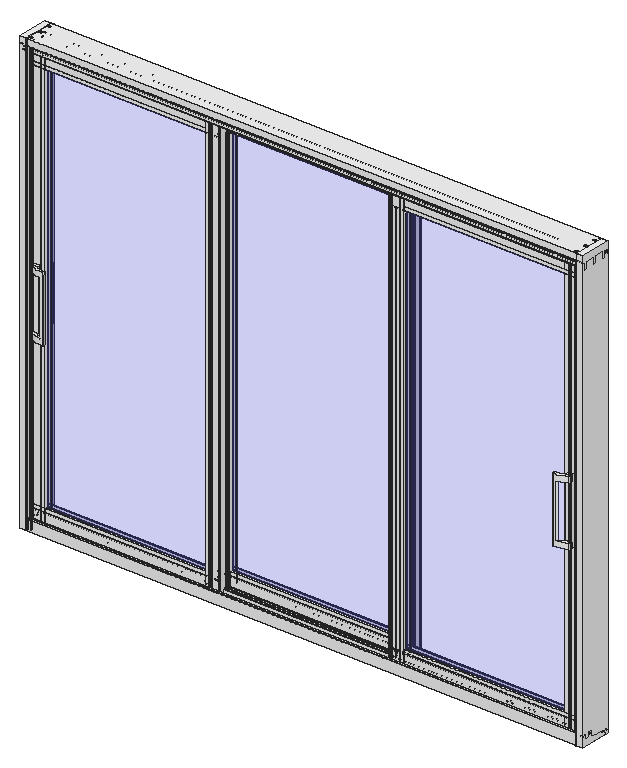
Revit family "Patio-Door_R-550-2-0_3-Light_XOX_5in_Novatech", category Doors, host Wall, Revit 2026 (continued)
Definition of nested family "NOVATECH_R-550 (2.0)_3 LIGHT_XOX_5in_SASH_X"
  Definition of nested family "NOVATECH_650_2 LIGHT_SASH_X_SILL1"
    Automatic sketch dimensions
      Extrusion 1 sketch curve to Extrusion 1 sketch curve = 0.00498"
      Extrusion 1 sketch curve to Extrusion 1 sketch curve = 0.01542"
      Extrusion 1 sketch curve to Extrusion 1 sketch curve = 0.06392"
      Extrusion 1 sketch curve to Extrusion 1 sketch curve = 3/64"
      Extrusion 1 sketch curve to Extrusion 1 sketch curve = 0.03068"
      Extrusion 1 sketch curve to Extrusion 1 sketch curve = 0.06572"
      Extrusion 1 sketch curve to Extrusion 1 sketch curve = 0.01209"
      Extrusion 1 sketch curve to Extrusion 1 sketch curve = 0.01283"
      Extrusion 1 sketch curve to Extrusion 1 sketch curve = 0.01306"
      Extrusion 1 sketch curve to Extrusion 1 sketch curve = 0.33858"
      Extrusion 1 sketch curve to Extrusion 1 sketch curve = 0.02923"
      Extrusion 1 sketch curve to Extrusion 1 sketch curve = 0.02953"
      Extrusion 1 sketch curve to Extrusion 1 sketch curve = 0.02362"
      level to Extrusion 1 sketch curve = 0"  (x2)
      Extrusion 1 sketch curve to Extrusion 1 sketch curve = 0.0358"  (x2)
      Extrusion 1 sketch curve to Extrusion 1 sketch curve = 0.00984"  (x3)
      Extrusion 1 sketch curve to Extrusion 1 sketch curve = 0.02354"  (x2)
      Extrusion 1 sketch curve to Extrusion 1 sketch curve = 0.00796"  (x2)
      Extrusion 1 sketch curve to Extrusion 1 sketch curve = 0.2126"  (x2)
      Extrusion 1 sketch curve to Extrusion 1 sketch curve = 0.00909"  (x2)
      Extrusion 1 sketch curve to Extrusion 1 sketch curve = 0.02429"  (x2)
      Extrusion 1 sketch curve to Extrusion 1 sketch curve = 0.00721"  (x2)
      Extrusion 1 sketch curve to Extrusion 1 sketch curve = 0.09705"
      Extrusion 1 sketch curve to Extrusion 1 sketch curve = 0.01152"
      Extrusion 1 sketch curve to Extrusion 1 sketch curve = 0.19864"  (x2)
      Extrusion 1 sketch curve to Extrusion 1 sketch curve = 1/16"  (x2)
      Extrusion 1 sketch curve to Extrusion 1 sketch curve = 0.87008"
      Extrusion 1 sketch curve to Extrusion 1 sketch curve = 0.07552"
      Extrusion 1 sketch curve to Extrusion 1 sketch curve = 0.0007"
      Extrusion 1 sketch curve to Extrusion 1 sketch curve = 0.01855"
      Extrusion 1 sketch curve to Extrusion 1 sketch curve = 0.00151"
      Extrusion 1 sketch curve to Extrusion 1 sketch curve = 0.00214"
      Extrusion 1 sketch curve to Extrusion 1 sketch curve = 0.07526"
      Extrusion 1 sketch curve to Extrusion 1 sketch curve = 0.0561"
      Extrusion 1 sketch curve to Extrusion 1 sketch curve = 0.12761"
      Extrusion 1 sketch curve to Extrusion 1 sketch curve = 0.00014"
      Extrusion 1 sketch curve to Extrusion 1 sketch curve = 0.00619"
      Extrusion 1 sketch curve to Extrusion 1 sketch curve = 0.00724"
      Extrusion 1 sketch curve to Extrusion 1 sketch curve = 0.01383"
      Extrusion 1 sketch curve to Extrusion 1 sketch curve = 0.01537"
      Extrusion 1 sketch curve to Extrusion 1 sketch curve = 0.05162"
      Extrusion 1 sketch curve to Extrusion 1 sketch curve = 0.12473"
      Extrusion 1 sketch curve to Extrusion 1 sketch curve = 0.5234"  (x2)
      Extrusion 1 sketch curve to Extrusion 1 sketch curve = 0.0034"
      Extrusion 1 sketch curve to Extrusion 1 sketch curve = 0.04131"
Definition of nested family "NOVATECH_R-550 (2.0)_3 LIGHT_XOX_5in_SASH_O_MID"
  Parameters (values of type "SASH_O_MID")
    Width = 33.71615"
    Panel Material = none
    Height = 77 27/64"
    Frame Material = none
    Default Elevation = 0"
  Reference planes (in)
    plane 1 "Center (Front/Back)": y = 0
    plane 2: z = 0
    plane 3 "Center (Left/Right)": x = 0
    plane 4: x = 16.85807
    plane 5: x = -16.85807
    plane 6: z = 77.42188
    plane 7: y = 0.7697
    plane 8: x = -18.11617
  Forms (in)
    Extrusion 1, solid, material <- "Panel Material"
      sketch origin (53.04805, -3.42098, -6.62158) x (1, 0, 0) y (0, 1, 0)
        loop
          line (-69.12564, 4.62769) -> (-69.12564, 3.75367) -> (-36.97336, 3.75367) -> (-36.97336, 4.62769) -> (-69.12564, 4.62769)
      from 8.65968 to 82.00488
  Dimensions and locks (in)
    "Height": plane 6 to level
    "Width": plane 4 to plane 5
    equal spacing: plane 4, plane 3 "Center (Left/Right)", plane 5
    locked: Extrusion 1 sketch curve to Extrusion 1 sketch curve at 0.87402
    locked: plane 5 to Extrusion 1 at 0.78048
    locked: Extrusion 1 to plane 4 at 0.78339
    locked: plane 6 to Extrusion 1 at 2.03858
    locked: Extrusion 1 to level at 2.0381
    locked: plane 1 "Center (Front/Back)" to Extrusion 1 at 0.33269
    locked: plane 8 to plane 5 at 1.2581
    locked: plane 4 to nested 2 at 1.2552
    locked: plane 4 to nested 1 at 1.2552
    aligned and locked: plane 2 to level
    aligned and locked: plane 1 "Center (Front/Back)" to nested 1
    aligned and locked: plane 1 "Center (Front/Back)" to nested 2
    aligned and locked: plane 5 to nested 3
    aligned and locked: plane 1 "Center (Front/Back)" to nested 3  (x2)
    aligned and locked: plane 6 to nested 3
    aligned and locked: nested 2 to plane 8
    aligned and locked: nested 1 to plane 8
    aligned and locked: nested 4 to plane 1 "Center (Front/Back)"
    aligned and locked: plane 6 to nested 2
    aligned and locked: plane 6 to nested 4
    aligned and locked: plane 4 to nested 4
    aligned and locked: nested 1 to level
  Automatic sketch dimensions
    Extrusion 1 sketch curve to plane 1 "Center (Front/Back)" = 0.33269"
    plane 5 to Extrusion 1 sketch curve = 0.78048"
    Extrusion 1 sketch curve to plane 4 = 0.78339"
  Nested families (in)
    nested 1: "NOVATECH_650_2 LIGHT_SASH_O_SILL1" at (-18.11617, 0, -0.93499), type "O PANEL SILL 2"
      with built-in parameter 1001306 3.0191 (stored number, unit not read)
    nested 2: "NOVATECH_650_3 LIGHT_OXO_SASH_O_HEADER" at (-18.11617, 0, 74.81906), type "O HEADER"
      with Length 36.22944"
    nested 3: "NOVATECH_650_2 LIGHT_SASH_O_LEFT" at (-18.20666, 0, 0) x (0, -1, 0) z (0, 0, 1), type "NOVATECH_650_2 LIGHT_SASH_X_RIGHT"
    nested 4: "NOVATECH_650_2 LIGHT_SASH_O_RIGHT" at (18.20375, 0, 0) x (0, 1, 0) z (0, 0, 1), type "NOVATECH_650_2 LIGHT_SASH_O_LEFT"
  Definition of nested family "NOVATECH_650_2 LIGHT_SASH_O_SILL1"
    Parameters (values of type "O PANEL SILL")
      built-in parameter 1001306 [instance] = 48"
      Frame Material = none
      Default Elevation = 0"
    Reference planes (in)
      plane 1 "Center (Front/Back)": y = 0
      plane 2: z = 0
      plane 3 "Left": x = 0
      plane 4 "Right": x = 48
    Forms (in)
      Extrusion 1, solid, material <- "Frame Material"
        sketch origin (0, -0.42731, -0.7993) x (0, 1, 0) y (0, 0, 1)
          loop
            line (1.50935, 2.22768) -> (1.00276, 2.22768)
            arc (1.00276, 2.22768) -> (0.94708, 2.20462) -> (0.92402, 2.14894) r 0.07874
            line (0.92402, 2.14894) -> (0.92402, 1.86784)
            arc (0.92402, 1.86784) -> (0.91825, 1.85393) -> (0.90433, 1.84816) r 0.01969
            line (0.90433, 1.84816) -> (0.87358, 1.84816) -> (0.85389, 1.72715) -> (0.644, 1.72715)
            arc (0.644, 1.72715) -> (0.63008, 1.72138) -> (0.62431, 1.70746) r 0.01969
            line (0.62431, 1.70746) -> (0.62431, 1.54017) -> (0.52604, 1.54017) -> (0.52615, 1.70715) -> (0.45135, 1.70715) -> (0.45074, 0.7993) -> (0.52556, 0.81205) -> (0.52575, 1.10443) -> (0.93819, 1.1584) -> (0.93819, 0.93129) -> (1.01299, 0.94253) -> (1.01299, 1.35309) -> (1.5156, 1.41571) -> (1.5156, 0.88509)
            arc (1.5156, 0.88509) -> (1.52141, 0.87106) -> (1.53544, 0.86524) r 0.01985
            arc (1.53544, 0.86524) -> (1.55245, 0.86422) -> (1.56901, 0.86822) r 0.05745
            line (1.56901, 0.86822) -> (1.63183, 0.90885)
            arc (1.63183, 0.90885) -> (1.63055, 0.92963) -> (1.60977, 0.93091) r 0.01572
            arc (1.60977, 0.93091) -> (1.59585, 0.93668) -> (1.59009, 0.9506) r 0.01969
            line (1.59009, 0.9506) -> (1.59009, 1.65234) -> (2.03511, 1.65234) -> (2.03517, 1.09522) -> (2.10997, 1.10708) -> (2.10991, 1.637)
            arc (2.10991, 1.637) -> (2.0835, 1.70074) -> (2.01976, 1.72715) r 0.09016
            line (2.01976, 1.72715) -> (1.65169, 1.72715) -> (1.63466, 1.83182)
            arc (1.63466, 1.83182) -> (1.625, 1.84624) -> (1.60777, 1.84835) r 0.02085
            arc (1.60777, 1.84835) -> (1.59385, 1.85411) -> (1.58809, 1.86803) r 0.01969
            line (1.58809, 1.86803) -> (1.58809, 2.14894)
            arc (1.58809, 2.14894) -> (1.56503, 2.20462) -> (1.50935, 2.22768) r 0.07874
          loop
            line (0.42731, 4.26963) -> (0.42731, 1.79335)
            arc (0.42731, 1.79335) -> (0.44461, 1.75159) -> (0.48637, 1.73429) r 0.05906
            line (0.48637, 1.73429) -> (0.79548, 1.73429)
            arc (0.79548, 1.73429) -> (0.83724, 1.75159) -> (0.85454, 1.79335) r 0.05906
            line (0.85454, 1.79335) -> (0.85454, 1.87249) -> (0.81117, 1.87249) -> (0.81117, 1.8095) -> (0.75999, 1.8095) -> (0.75999, 2.11658) -> (0.81117, 2.11658) -> (0.81117, 2.05359) -> (0.86235, 2.05359) -> (0.86235, 2.43905) -> (1.64975, 2.43905) -> (1.64975, 2.05359) -> (1.70093, 2.05359) -> (1.70093, 2.11658) -> (1.75211, 2.11658) -> (1.75211, 1.8095) -> (1.70093, 1.8095) -> (1.70093, 1.87249) -> (1.65756, 1.87249) -> (1.65756, 1.79335)
            arc (1.65756, 1.79335) -> (1.67486, 1.75159) -> (1.71662, 1.73429) r 0.05906
            line (1.71662, 1.73429) -> (2.02574, 1.73429)
            arc (2.02574, 1.73429) -> (2.06749, 1.75159) -> (2.08479, 1.79335) r 0.05906
            line (2.08479, 1.79335) -> (2.08479, 3.64377) -> (2.00605, 3.64377) -> (2.00605, 3.30913) -> (1.81314, 3.30913) -> (1.81314, 3.40755) -> (1.86432, 3.40755) -> (1.86432, 3.64377) -> (1.56849, 3.64377) -> (1.56849, 3.76848) -> (0.66353, 3.76848) -> (0.66353, 4.2919) -> (0.697, 4.2919) -> (0.697, 4.3332) -> (0.45273, 4.29887)
            arc (0.45273, 4.29887) -> (0.43455, 4.289) -> (0.42731, 4.26963) r 0.02953
          loop
            line (1.697, 4.33127) -> (1.71668, 4.29189) -> (1.71669, 3.67374)
            arc (1.71669, 3.67374) -> (1.72363, 3.66069) -> (1.73834, 3.65914) r 0.01575
            line (1.73834, 3.65914) -> (1.84513, 3.69539) -> (1.92824, 3.64363) -> (1.9154, 3.47576) -> (1.8935, 3.41617)
            arc (1.8935, 3.41617) -> (1.86859, 3.38726) -> (1.88982, 3.35556) r 0.0315
            arc (1.88982, 3.35556) -> (1.92534, 3.35888) -> (1.94977, 3.38487) r 0.05041
            line (1.94977, 3.38487) -> (1.98385, 3.46761) -> (1.99786, 3.65101)
            arc (1.99786, 3.65101) -> (2.00813, 3.67068) -> (2.03025, 3.67232) r 0.02281
            line (2.03025, 3.67232) -> (2.06117, 3.6537)
            arc (2.06117, 3.6537) -> (2.07692, 3.6537) -> (2.08479, 3.66733) r 0.01575
            line (2.08479, 3.66733) -> (2.08479, 4.30174)
            arc (2.08479, 4.30174) -> (2.07614, 4.32262) -> (2.05526, 4.33127) r 0.02953
            line (2.05526, 4.33127) -> (1.697, 4.33127)
        from 0 to 48
    Lines and regions (in)
      reference lines
        curve 1: line (0, 0.91091, 0) -> (48, 0.91091, 0)
    Dimensions and locks (in)
      "built-in parameter 1001306": plane 3 "Left" to plane 4 "Right"
      aligned and locked: plane 4 "Right" to curve 1
      aligned and locked: plane 3 "Left" to curve 1
      aligned and locked: level to plane 2
      aligned and locked: Extrusion 1 to plane 3 "Left"
      aligned and locked: plane 4 "Right" to Extrusion 1
    Automatic sketch dimensions
      curve 1 to plane 1 "Center (Front/Back)" = 0.91091"
      level to Extrusion 1 sketch curve = 0"
      level to Extrusion 1 sketch curve = 0.30778"
      Extrusion 1 sketch curve to plane 1 "Center (Front/Back)" = 1.68266"
      level to Extrusion 1 sketch curve = 0.8377"
      Extrusion 1 sketch curve to Extrusion 1 sketch curve = 0.00005"
      Extrusion 1 sketch curve to Extrusion 1 sketch curve = 0.02512"
      Extrusion 1 sketch curve to Extrusion 1 sketch curve = 0"  (x3)
      Extrusion 1 sketch curve to Extrusion 1 sketch curve = 0.01575"  (x2)
      Extrusion 1 sketch curve to Extrusion 1 sketch curve = 0.00787"
      Extrusion 1 sketch curve to Extrusion 1 sketch curve = 0.02953"  (x2)
      level to Extrusion 1 sketch curve = 0.29592"
      Extrusion 1 sketch curve to Extrusion 1 sketch curve = 0.0748"  (x4)
      Extrusion 1 sketch curve to Extrusion 1 sketch curve = 0.03092"
      Extrusion 1 sketch curve to Extrusion 1 sketch curve = 0.00937"
      Extrusion 1 sketch curve to Extrusion 1 sketch curve = 0.00959"
      Extrusion 1 sketch curve to Extrusion 1 sketch curve = 0.00598"
      Extrusion 1 sketch curve to Extrusion 1 sketch curve = 0.01461"
      Extrusion 1 sketch curve to Extrusion 1 sketch curve = 0.00819"
      Extrusion 1 sketch curve to Extrusion 1 sketch curve = 0.0222"
      Extrusion 1 sketch curve to Extrusion 1 sketch curve = 0.03408"
      Extrusion 1 sketch curve to Extrusion 1 sketch curve = 0.06962"
      Extrusion 1 sketch curve to Extrusion 1 sketch curve = 0.06844"
      Extrusion 1 sketch curve to Extrusion 1 sketch curve = 0.04657"
      Extrusion 1 sketch curve to Extrusion 1 sketch curve = 0.00316"
      Extrusion 1 sketch curve to Extrusion 1 sketch curve = 0.00969"
      Extrusion 1 sketch curve to Extrusion 1 sketch curve = 0.06392"
      Extrusion 1 sketch curve to Extrusion 1 sketch curve = 0.01918"
      Extrusion 1 sketch curve to Extrusion 1 sketch curve = 0.05118"  (x4)
      Extrusion 1 sketch curve to Extrusion 1 sketch curve = 0.27362"
      Extrusion 1 sketch curve to Extrusion 1 sketch curve = 0.1068"
      Extrusion 1 sketch curve to Extrusion 1 sketch curve = 0.0059"
      Extrusion 1 sketch curve to Extrusion 1 sketch curve = 0.33858"
      Extrusion 1 sketch curve to Extrusion 1 sketch curve = 0.03549"  (x2)
      Extrusion 1 sketch curve to Extrusion 1 sketch curve = 0.01569"  (x2)
      Extrusion 1 sketch curve to Extrusion 1 sketch curve = 0.01969"  (x4)
      Extrusion 1 sketch curve to Extrusion 1 sketch curve = 0.04337"  (x2)
      Extrusion 1 sketch curve to Extrusion 1 sketch curve = 0.06493"
      level to Extrusion 1 sketch curve = 1.03252"
      Extrusion 1 sketch curve to Extrusion 1 sketch curve = 0.0229"
      level to Extrusion 1 sketch curve = 0.10955"
      Extrusion 1 sketch curve to Extrusion 1 sketch curve = 0.40333"
      Extrusion 1 sketch curve to Extrusion 1 sketch curve = 0.01239"
      Extrusion 1 sketch curve to Extrusion 1 sketch curve = 0.02058"
      Extrusion 1 sketch curve to Extrusion 1 sketch curve = 0.00967"  (x2)
      Extrusion 1 sketch curve to Extrusion 1 sketch curve = 0.00631"
      Extrusion 1 sketch curve to Extrusion 1 sketch curve = 0.0616"
      level to Extrusion 1 sketch curve = 0.06892"
      Extrusion 1 sketch curve to Extrusion 1 sketch curve = 0.05043"
      Extrusion 1 sketch curve to Extrusion 1 sketch curve = 0.1482"
      Extrusion 1 sketch curve to Extrusion 1 sketch curve = 0.04272"
      Extrusion 1 sketch curve to Extrusion 1 sketch curve = 0.03356"
      Extrusion 1 sketch curve to Extrusion 1 sketch curve = 0.07449"
      Extrusion 1 sketch curve to Extrusion 1 sketch curve = 0.07874"  (x2)
      level to Extrusion 1 sketch curve = 0.14323"
      Extrusion 1 sketch curve to Extrusion 1 sketch curve = 0.5026"
      Extrusion 1 sketch curve to Extrusion 1 sketch curve = 0.50659"
      Extrusion 1 sketch curve to Extrusion 1 sketch curve = 0.03075"
      Extrusion 1 sketch curve to Extrusion 1 sketch curve = 0.1404"
      Extrusion 1 sketch curve to Extrusion 1 sketch curve = 0.01904"
      Extrusion 1 sketch curve to Extrusion 1 sketch curve = 0.00065"
      Extrusion 1 sketch curve to Extrusion 1 sketch curve = 1"
      Extrusion 1 sketch curve to Extrusion 1 sketch curve = 0.03346"
      Extrusion 1 sketch curve to Extrusion 1 sketch curve = 0.11599"
      level to Extrusion 1 sketch curve = 0.90785"
      Extrusion 1 sketch curve to Extrusion 1 sketch curve = 0.09816"
      level to Extrusion 1 sketch curve = 0.74086"
      Extrusion 1 sketch curve to Extrusion 1 sketch curve = 0.09827"
      level to Extrusion 1 sketch curve = 0.30513"
      Extrusion 1 sketch curve to Extrusion 1 sketch curve = 0.41244"
      level to Extrusion 1 sketch curve = 0.01275"
      Extrusion 1 sketch curve to Extrusion 1 sketch curve = 0.00019"
      Extrusion 1 sketch curve to Extrusion 1 sketch curve = 0.03978"
      Extrusion 1 sketch curve to Extrusion 1 sketch curve = 0.20669"
      Extrusion 1 sketch curve to Extrusion 1 sketch curve = 0.00411"
      Extrusion 1 sketch curve to Extrusion 1 sketch curve = 0.03502"
      Extrusion 1 sketch curve to Extrusion 1 sketch curve = 0.07481"
      Extrusion 1 sketch curve to Extrusion 1 sketch curve = 0.01687"
      Extrusion 1 sketch curve to Extrusion 1 sketch curve = 0.01124"
      Extrusion 1 sketch curve to Extrusion 1 sketch curve = 0.22711"
      Extrusion 1 sketch curve to Extrusion 1 sketch curve = 0.1947"
      Extrusion 1 sketch curve to Extrusion 1 sketch curve = 0.41612"
      Extrusion 1 sketch curve to Extrusion 1 sketch curve = 0.00031"
      Extrusion 1 sketch curve to Extrusion 1 sketch curve = 0.00715"  (x2)
      Extrusion 1 sketch curve to Extrusion 1 sketch curve = 0.01615"  (x2)
      Extrusion 1 sketch curve to Extrusion 1 sketch curve = 0.00335"
      Extrusion 1 sketch curve to Extrusion 1 sketch curve = 0.05481"
      Extrusion 1 sketch curve to Extrusion 1 sketch curve = 0.03956"
      Extrusion 1 sketch curve to Extrusion 1 sketch curve = 0.06299"  (x4)
      Extrusion 1 sketch curve to Extrusion 1 sketch curve = 0.1811"  (x2)
      Extrusion 1 sketch curve to Extrusion 1 sketch curve = 0.09535"
      Extrusion 1 sketch curve to Extrusion 1 sketch curve = 0.21137"
      Extrusion 1 sketch curve to Extrusion 1 sketch curve = 0.87008"
      Extrusion 1 sketch curve to Extrusion 1 sketch curve = 0.07575"
      Extrusion 1 sketch curve to Extrusion 1 sketch curve = 0.00048"
      Extrusion 1 sketch curve to Extrusion 1 sketch curve = 0.01881"
      Extrusion 1 sketch curve to Extrusion 1 sketch curve = 0.00339"
      Extrusion 1 sketch curve to Extrusion 1 sketch curve = 0.012"
      Extrusion 1 sketch curve to Extrusion 1 sketch curve = 0.08274"
      Extrusion 1 sketch curve to Extrusion 1 sketch curve = 0.05959"
      Extrusion 1 sketch curve to Extrusion 1 sketch curve = 0.16787"
      Extrusion 1 sketch curve to Extrusion 1 sketch curve = 0.00014"  (x2)
      Extrusion 1 sketch curve to Extrusion 1 sketch curve = 0.00724"
      Extrusion 1 sketch curve to Extrusion 1 sketch curve = 0.00785"
      Extrusion 1 sketch curve to Extrusion 1 sketch curve = 0.00992"
      Extrusion 1 sketch curve to Extrusion 1 sketch curve = 0.01537"
      Extrusion 1 sketch curve to Extrusion 1 sketch curve = 0.05162"
      Extrusion 1 sketch curve to Extrusion 1 sketch curve = 0.12471"
      Extrusion 1 sketch curve to Extrusion 1 sketch curve = 0.50115"
      Extrusion 1 sketch curve to Extrusion 1 sketch curve = 0.52341"
      Extrusion 1 sketch curve to Extrusion 1 sketch curve = 0.02226"
      Extrusion 1 sketch curve to Extrusion 1 sketch curve = 0.00984"
      Extrusion 1 sketch curve to Extrusion 1 sketch curve = 0.04131"
  Definition of nested family "NOVATECH_650_3 LIGHT_OXO_SASH_O_HEADER"
    Parameters (values of type "O HEADER")
      Length [instance] = 25.4316"
      Frame Material = none
      Default Elevation = 0"
    Reference planes (in)
      plane 1 "Center (Front/Back)": y = 0
      plane 2: z = 0
      plane 3 "Center (Left/Right)": x = 0
      plane 4: x = 25.4316
    Forms (in)
      Extrusion 1, solid, material <- "Frame Material"
        sketch origin (0, 3.99113, -1.74837) x (0, 1, 0) y (0, 0, 1)
          loop
            line (-2.76869, 4.29213) -> (-2.76869, 4.20908) -> (-2.71751, 4.20908) -> (-2.71751, 4.27208) -> (-2.66633, 4.27208) -> (-2.66633, 3.96499) -> (-2.71751, 3.96499) -> (-2.71751, 4.02798) -> (-2.76869, 4.02798) -> (-2.76869, 3.64252) -> (-3.55609, 3.64252) -> (-3.55609, 4.02798) -> (-3.60728, 4.02798) -> (-3.60728, 3.96499) -> (-3.65846, 3.96499) -> (-3.65846, 4.27208) -> (-3.60728, 4.27208) -> (-3.60728, 4.20908) -> (-3.55609, 4.20908) -> (-3.55609, 4.29213)
            arc (-3.55609, 4.29213) -> (-3.57339, 4.33389) -> (-3.61515, 4.35118) r 0.05906
            line (-3.61515, 4.35118) -> (-3.93208, 4.35118)
            arc (-3.93208, 4.35118) -> (-3.97384, 4.33389) -> (-3.99113, 4.29213) r 0.05906
            line (-3.99113, 4.29213) -> (-3.99113, 1.81194)
            arc (-3.99113, 1.81194) -> (-3.98389, 1.79257) -> (-3.96572, 1.7827) r 0.02953
            line (-3.96572, 1.7827) -> (-3.72145, 1.74837) -> (-3.72145, 1.78968) -> (-3.75491, 1.78968) -> (-3.75491, 2.4378) -> (-3.65663, 2.4378) -> (-3.65663, 2.3126) -> (-2.78262, 2.3126) -> (-2.78262, 2.4378) -> (-2.55413, 2.4378) -> (-2.55413, 2.67402) -> (-2.60531, 2.67402) -> (-2.60531, 2.77244) -> (-2.41239, 2.77244) -> (-2.41239, 2.4378) -> (-2.33365, 2.4378) -> (-2.33365, 4.29213)
            arc (-2.33365, 4.29213) -> (-2.35095, 4.33389) -> (-2.39271, 4.35118) r 0.05906
            line (-2.39271, 4.35118) -> (-2.70964, 4.35118)
            arc (-2.70964, 4.35118) -> (-2.7514, 4.33389) -> (-2.76869, 4.29213) r 0.05906
          loop
            line (-2.33365, 1.77983) -> (-2.33365, 2.41424)
            arc (-2.33365, 2.41424) -> (-2.34153, 2.42788) -> (-2.35728, 2.42788) r 0.01575
            line (-2.35728, 2.42788) -> (-2.3867, 2.41134)
            arc (-2.3867, 2.41134) -> (-2.40913, 2.41876) -> (-2.41969, 2.43989) r 0.03079
            line (-2.41969, 2.43989) -> (-2.43129, 2.60578) -> (-2.46833, 2.69723)
            arc (-2.46833, 2.69723) -> (-2.49406, 2.72434) -> (-2.53137, 2.72666) r 0.05107
            arc (-2.53137, 2.72666) -> (-2.55479, 2.69582) -> (-2.53061, 2.66558) r 0.0315
            line (-2.53061, 2.66558) -> (-2.49742, 2.58344) -> (-2.48648, 2.44027) -> (-2.57331, 2.38618) -> (-2.68011, 2.42243)
            arc (-2.68011, 2.42243) -> (-2.69481, 2.42088) -> (-2.70176, 2.40783) r 0.01575
            line (-2.70176, 2.40783) -> (-2.70176, 1.78968) -> (-2.72145, 1.75031) -> (-2.36318, 1.75031)
            arc (-2.36318, 1.75031) -> (-2.3423, 1.75896) -> (-2.33365, 1.77983) r 0.02953
        from 0 to 25.4316
    Dimensions and locks (in)
      "Length": plane 3 "Center (Left/Right)" to plane 4
      aligned and locked: plane 2 to level
      aligned and locked: plane 4 to Extrusion 1
      aligned and locked: Extrusion 1 to plane 3 "Center (Left/Right)"
    Automatic sketch dimensions
      Extrusion 1 sketch curve to level = 0"
      plane 1 "Center (Front/Back)" to Extrusion 1 sketch curve = 0"
      level to Extrusion 1 sketch curve = 0.03433"
      Extrusion 1 sketch curve to Extrusion 1 sketch curve = 0.02542"
      Extrusion 1 sketch curve to Extrusion 1 sketch curve = 0.02953"
      Extrusion 1 sketch curve to Extrusion 1 sketch curve = 0.05906"
      Extrusion 1 sketch curve to Extrusion 1 sketch curve = 0.20669"
      Extrusion 1 sketch curve to Extrusion 1 sketch curve = 0.03346"
      Extrusion 1 sketch curve to Extrusion 1 sketch curve = 0.27362"  (x2)
      Extrusion 1 sketch curve to Extrusion 1 sketch curve = 0.09828"
      Extrusion 1 sketch curve to Extrusion 1 sketch curve = 0.04331"
      Extrusion 1 sketch curve to Extrusion 1 sketch curve = 0.00787"  (x2)
      Extrusion 1 sketch curve to Extrusion 1 sketch curve = 0.05118"  (x4)
      Extrusion 1 sketch curve to plane 1 "Center (Front/Back)" = 1.20852"
      Extrusion 1 sketch curve to plane 1 "Center (Front/Back)" = 1.22244"  (x2)
      Extrusion 1 sketch curve to plane 1 "Center (Front/Back)" = 1.26968"
      Extrusion 1 sketch curve to plane 1 "Center (Front/Back)" = 1.27362"  (x2)
      Extrusion 1 sketch curve to plane 1 "Center (Front/Back)" = 1.2815"
      Extrusion 1 sketch curve to plane 1 "Center (Front/Back)" = 1.28937"
      Extrusion 1 sketch curve to plane 1 "Center (Front/Back)" = 1.28938"
      Extrusion 1 sketch curve to Extrusion 1 sketch curve = 0.01575"  (x2)
      Extrusion 1 sketch curve to Extrusion 1 sketch curve = 0.0059"
      Extrusion 1 sketch curve to plane 1 "Center (Front/Back)" = 1.38583"
      Extrusion 1 sketch curve to Extrusion 1 sketch curve = 0.1068"
      Extrusion 1 sketch curve to Extrusion 1 sketch curve = 0.01918"
      Extrusion 1 sketch curve to Extrusion 1 sketch curve = 0.02352"
      Extrusion 1 sketch curve to Extrusion 1 sketch curve = 0.00731"
      Extrusion 1 sketch curve to Extrusion 1 sketch curve = 0.01494"
      Extrusion 1 sketch curve to Extrusion 1 sketch curve = 0.03319"
      Extrusion 1 sketch curve to Extrusion 1 sketch curve = 0.06765"
      Extrusion 1 sketch curve to Extrusion 1 sketch curve = 0.04734"
      Extrusion 1 sketch curve to Extrusion 1 sketch curve = 0.06613"
      Extrusion 1 sketch curve to Extrusion 1 sketch curve = 0.06679"
      Extrusion 1 sketch curve to Extrusion 1 sketch curve = 0.0073"
      Extrusion 1 sketch curve to Extrusion 1 sketch curve = 0.02341"
      Extrusion 1 sketch curve to Extrusion 1 sketch curve = 0.00228"
      level to Extrusion 1 sketch curve = 0.00194"
      Extrusion 1 sketch curve to Extrusion 1 sketch curve = 0.33858"
      Extrusion 1 sketch curve to Extrusion 1 sketch curve = 0.02942"
      Extrusion 1 sketch curve to Extrusion 1 sketch curve = 0.02362"
      level to Extrusion 1 sketch curve = 0.04131"  (x2)
      Extrusion 1 sketch curve to Extrusion 1 sketch curve = 0.52292"
      Extrusion 1 sketch curve to Extrusion 1 sketch curve = 0.07358"
      Extrusion 1 sketch curve to Extrusion 1 sketch curve = 0.02165"
      Extrusion 1 sketch curve to Extrusion 1 sketch curve = 0"
      Extrusion 1 sketch curve to Extrusion 1 sketch curve = 0.02516"
      Extrusion 1 sketch curve to Extrusion 1 sketch curve = 0.0029"
      Extrusion 1 sketch curve to Extrusion 1 sketch curve = 0.05162"
      Extrusion 1 sketch curve to Extrusion 1 sketch curve = 0.02356"
      Extrusion 1 sketch curve to Extrusion 1 sketch curve = 0.1252"
      Extrusion 1 sketch curve to Extrusion 1 sketch curve = 0.00209"
      Extrusion 1 sketch curve to Extrusion 1 sketch curve = 0.00038"
      Extrusion 1 sketch curve to Extrusion 1 sketch curve = 0.14318"
      Extrusion 1 sketch curve to Extrusion 1 sketch curve = 0.02234"
      Extrusion 1 sketch curve to Extrusion 1 sketch curve = 0.08214"
      Extrusion 1 sketch curve to Extrusion 1 sketch curve = 0.00844"
      Extrusion 1 sketch curve to Extrusion 1 sketch curve = 0.01248"
      Extrusion 1 sketch curve to Extrusion 1 sketch curve = 0.01815"
      Extrusion 1 sketch curve to Extrusion 1 sketch curve = 0.01917"
      Extrusion 1 sketch curve to Extrusion 1 sketch curve = 0.07521"
      Extrusion 1 sketch curve to Extrusion 1 sketch curve = 1.20472"
      Extrusion 1 sketch curve to Extrusion 1 sketch curve = 0.32247"  (x2)
      Extrusion 1 sketch curve to Extrusion 1 sketch curve = 0.06299"  (x4)
      Extrusion 1 sketch curve to Extrusion 1 sketch curve = 0.1811"  (x2)
      Extrusion 1 sketch curve to Extrusion 1 sketch curve = 0.02005"  (x2)
  Definition of nested family "NOVATECH_650_2 LIGHT_SASH_O_LEFT"
    Parameters (values of type "NOVATECH_650_2 LIGHT_SASH_X_RIGHT")
      Length = 77 27/64"
      Frame Material = none
      Default Elevation = 0"
    Types (2): name | Length
      NOVATECH_650_2 LIGHT_SASH_X_RIGHT | 77 27/64"
      X_RIGHT | 75 121/128"
    Reference planes (in)
      plane 1 "Center (Front/Back)": y = 0
      plane 2: z = 0
      plane 3 "Center (Left/Right)": x = 0
      plane 4: z = 77.42188
      plane 5: y = 1.34858
    Forms (in)
      Extrusion 1, solid, material <- "Frame Material"
        sketch origin (0, 0, 0) x (1, 0, 0) y (0, 1, 0)
          loop
            arc (0, 2.62973) -> (-0.00724, 2.6491) -> (-0.02542, 2.65897) r 0.02953
            line (-0.02542, 2.65897) -> (-0.2697, 2.6933) -> (-0.2697, 2.65199) -> (-0.23622, 2.65199) -> (-0.23622, 2.00387) -> (-0.33269, 2.00387) -> (-0.33269, 2.12907) -> (-1.20671, 2.12907) -> (-1.20671, 2.00387) -> (-1.43701, 2.00387) -> (-1.43701, 1.76765) -> (-1.38583, 1.76765) -> (-1.38583, 1.66923) -> (-1.57874, 1.66923) -> (-1.57874, 2.00387) -> (-1.65748, 2.00387) -> (-1.65748, 0.14954)
            arc (-1.65748, 0.14954) -> (-1.64018, 0.10778) -> (-1.59843, 0.09049) r 0.05906
            line (-1.59843, 0.09049) -> (-1.2815, 0.09049)
            arc (-1.2815, 0.09049) -> (-1.23974, 0.10778) -> (-1.22244, 0.14954) r 0.05906
            line (-1.22244, 0.14954) -> (-1.22244, 0.21684)
            arc (-1.22244, 0.21684) -> (-1.24803, 0.23208) -> (-1.27362, 0.21684) r 0.02911
            line (-1.27362, 0.21684) -> (-1.27362, 0.18534)
            arc (-1.27362, 0.18534) -> (-1.29921, 0.16614) -> (-1.3248, 0.18534) r 0.02665
            line (-1.3248, 0.18534) -> (-1.3248, 0.46093)
            arc (-1.3248, 0.46093) -> (-1.29921, 0.47787) -> (-1.27362, 0.46093) r 0.0278
            line (-1.27362, 0.46093) -> (-1.27362, 0.42944)
            arc (-1.27362, 0.42944) -> (-1.24803, 0.41044) -> (-1.22244, 0.42944) r 0.02674
            line (-1.22244, 0.42944) -> (-1.22244, 0.79915) -> (-0.43504, 0.79915) -> (-0.43504, 0.42944)
            arc (-0.43504, 0.42944) -> (-0.40945, 0.41134) -> (-0.38386, 0.42944) r 0.02714
            line (-0.38386, 0.42944) -> (-0.38386, 0.46093)
            arc (-0.38386, 0.46093) -> (-0.35827, 0.47851) -> (-0.33268, 0.46093) r 0.02742
            line (-0.33268, 0.46093) -> (-0.33268, 0.18534)
            arc (-0.33268, 0.18534) -> (-0.35827, 0.16767) -> (-0.38386, 0.18534) r 0.02737
            line (-0.38386, 0.18534) -> (-0.38386, 0.21684)
            arc (-0.38386, 0.21684) -> (-0.40945, 0.23441) -> (-0.43504, 0.21684) r 0.02742
            line (-0.43504, 0.21684) -> (-0.43504, 0.14954)
            arc (-0.43504, 0.14954) -> (-0.41774, 0.10778) -> (-0.37598, 0.09049) r 0.05906
            line (-0.37598, 0.09049) -> (-0.05906, 0.09049)
            arc (-0.05906, 0.09049) -> (-0.0173, 0.10778) -> (0, 0.14954) r 0.05906
            line (0, 0.14954) -> (0, 2.62973)
          loop
            line (-1.26968, 2.69136) -> (-1.63186, 2.69136)
            arc (-1.63186, 2.69136) -> (-1.65274, 2.68271) -> (-1.66139, 2.66184) r 0.02953
            line (-1.66139, 2.66184) -> (-1.66139, 2.03134)
            arc (-1.66139, 2.03134) -> (-1.65351, 2.0177) -> (-1.63776, 2.0177) r 0.01575
            line (-1.63776, 2.0177) -> (-1.60447, 2.02776)
            arc (-1.60447, 2.02776) -> (-1.5765, 2.02149) -> (-1.56742, 1.9943) r 0.02915
            line (-1.56742, 1.9943) -> (-1.55564, 1.8258) -> (-1.5226, 1.74475)
            arc (-1.5226, 1.74475) -> (-1.49938, 1.71919) -> (-1.46518, 1.71446) r 0.05066
            arc (-1.46518, 1.71446) -> (-1.44119, 1.73462) -> (-1.44649, 1.76552) r 0.0315
            line (-1.44649, 1.76552) -> (-1.49117, 1.87611) -> (-1.50093, 2.00373) -> (-1.41782, 2.05549) -> (-1.31103, 2.01924)
            arc (-1.31103, 2.01924) -> (-1.29632, 2.02079) -> (-1.28938, 2.03384) r 0.01575
            line (-1.28938, 2.03384) -> (-1.28937, 2.65199) -> (-1.26968, 2.69136)
          loop
            line (-0.00211, 0.03937) -> (-0.00211, 0.07978)
            arc (-0.00211, 0.07978) -> (-0.03593, 0.08542) -> (-0.06479, 0.06693) r 0.04772
            line (-0.06479, 0.06693) -> (-0.47548, 0.06693) -> (-0.43728, 0.25591) -> (-0.38775, 0.25591)
            arc (-0.38775, 0.25591) -> (-0.37304, 0.26603) -> (-0.37725, 0.28339) r 0.01575
            line (-0.37725, 0.28339) -> (-0.48021, 0.397)
            arc (-0.48021, 0.397) -> (-0.50305, 0.39997) -> (-0.51354, 0.37946) r 0.02
            line (-0.51354, 0.37946) -> (-0.49602, 0.25591) -> (-0.53342, 0.07087) -> (-1.12397, 0.07087) -> (-1.16137, 0.25591) -> (-1.14388, 0.37069)
            arc (-1.14388, 0.37069) -> (-1.15425, 0.39135) -> (-1.17718, 0.38843) r 0.02
            line (-1.17718, 0.38843) -> (-1.26861, 0.27418)
            arc (-1.26861, 0.27418) -> (-1.27096, 0.25494) -> (-1.2548, 0.24424) r 0.01844
            line (-1.2548, 0.24424) -> (-1.21775, 0.24424) -> (-1.18191, 0.06693) -> (-1.92439, 0.06693)
            arc (-1.92439, 0.06693) -> (-1.95223, 0.07846) -> (-1.96376, 0.1063) r 0.03937
            line (-1.96376, 0.1063) -> (-1.96376, 0.65641) -> (-1.90455, 0.65641) -> (-1.90455, 0.81723) -> (-1.69389, 0.81723) -> (-1.69389, 0.88415) -> (-1.90455, 0.88415) -> (-1.90455, 1.06988) -> (-1.9336, 1.10788) -> (-1.9336, 1.49105) -> (-1.9942, 1.596)
            arc (-1.9942, 1.596) -> (-1.99522, 1.62721) -> (-2.02369, 1.64005) r 0.02953
            arc (-2.02369, 1.64005) -> (-2.04707, 1.63301) -> (-2.05716, 1.61078) r 0.02953
            line (-2.05716, 1.61078) -> (-2.05716, 1.5712) -> (-2.00053, 1.47312) -> (-2.00053, 1.1048)
            arc (-2.00053, 1.1048) -> (-2.009, 1.08863) -> (-2.02711, 1.08636) r 0.01969
            arc (-2.02711, 1.08636) -> (-2.06091, 1.0621) -> (-2.07384, 1.02255) r 0.06693
            line (-2.07384, 1.02255) -> (-2.07367, 0.97924)
            arc (-2.07367, 0.97924) -> (-2.04808, 0.96046) -> (-2.02249, 0.97924) r 0.02682
            line (-2.02249, 0.97924) -> (-2.02266, 1.01074)
            arc (-2.02266, 1.01074) -> (-1.99707, 1.03036) -> (-1.97148, 1.01074) r 0.0265
            line (-1.97148, 1.01074) -> (-1.97148, 0.73515)
            arc (-1.97148, 0.73515) -> (-1.99707, 0.71657) -> (-2.02266, 0.73515) r 0.02691
            line (-2.02266, 0.73515) -> (-2.02266, 0.77452)
            arc (-2.02266, 0.77452) -> (-2.04825, 0.79092) -> (-2.07384, 0.77452) r 0.02817
            line (-2.07384, 0.77452) -> (-2.07384, 0.72334)
            arc (-2.07384, 0.72334) -> (-2.06201, 0.68534) -> (-2.03069, 0.66078) r 0.06693
            line (-2.03069, 0.66078) -> (-2.03069, 0.07874)
            arc (-2.03069, 0.07874) -> (-2.00763, 0.02306) -> (-1.95195, 0) r 0.07874
            line (-1.95195, 0) -> (-0.04148, 0)
            arc (-0.04148, 0) -> (-0.01364, 0.01153) -> (-0.00211, 0.03937) r 0.03937
        from 0 to 77.42188
    Dimensions and locks (in)
      "Length": plane 4 to level
      aligned and locked: plane 2 to level
      aligned and locked: Extrusion 1 to level
      aligned and locked: plane 4 to Extrusion 1
    Automatic sketch dimensions
      plane 1 "Center (Front/Back)" to Extrusion 1 sketch curve = 0"
      Extrusion 1 sketch curve to plane 3 "Center (Left/Right)" = 0"
      Extrusion 1 sketch curve to plane 3 "Center (Left/Right)" = 0.00211"
      Extrusion 1 sketch curve to plane 3 "Center (Left/Right)" = 0.02542"
      Extrusion 1 sketch curve to Extrusion 1 sketch curve = 0.02423"
      Extrusion 1 sketch curve to plane 3 "Center (Left/Right)" = 0.02953"
      Extrusion 1 sketch curve to plane 3 "Center (Left/Right)" = 0.04148"
      Extrusion 1 sketch curve to Extrusion 1 sketch curve = 0.01757"
      Extrusion 1 sketch curve to Extrusion 1 sketch curve = 0.00574"
      Extrusion 1 sketch curve to plane 3 "Center (Left/Right)" = 0.23622"
      Extrusion 1 sketch curve to Extrusion 1 sketch curve = 0.03348"
      Extrusion 1 sketch curve to plane 3 "Center (Left/Right)" = 0.33268"
      Extrusion 1 sketch curve to Extrusion 1 sketch curve = 0.09647"
      Extrusion 1 sketch curve to Extrusion 1 sketch curve = 0.02559"  (x20)
      Extrusion 1 sketch curve to Extrusion 1 sketch curve = 0.01772"
      Extrusion 1 sketch curve to Extrusion 1 sketch curve = 0.01898"
      Extrusion 1 sketch curve to Extrusion 1 sketch curve = 0.0105"
      Extrusion 1 sketch curve to Extrusion 1 sketch curve = 0.05118"  (x2)
      Extrusion 1 sketch curve to Extrusion 1 sketch curve = 0.00224"
      Extrusion 1 sketch curve to plane 1 "Center (Front/Back)" = 0.06693"  (x2)
      Extrusion 1 sketch curve to Extrusion 1 sketch curve = 0.04044"
      Extrusion 1 sketch curve to Extrusion 1 sketch curve = 0.04517"
      Extrusion 1 sketch curve to Extrusion 1 sketch curve = 0.01353"  (x2)
      Extrusion 1 sketch curve to Extrusion 1 sketch curve = 0.05874"
      Extrusion 1 sketch curve to Extrusion 1 sketch curve = 0.0198"
      Extrusion 1 sketch curve to plane 1 "Center (Front/Back)" = 0.07087"
      Extrusion 1 sketch curve to Extrusion 1 sketch curve = 0.05794"  (x2)
      Extrusion 1 sketch curve to Extrusion 1 sketch curve = 0.59055"
      Extrusion 1 sketch curve to plane 1 "Center (Front/Back)" = 0.37069"
      Extrusion 1 sketch curve to Extrusion 1 sketch curve = 0.01991"
      Extrusion 1 sketch curve to plane 1 "Center (Front/Back)" = 0.25591"
      Extrusion 1 sketch curve to Extrusion 1 sketch curve = 0.01749"
      Extrusion 1 sketch curve to Extrusion 1 sketch curve = 0.01977"
      Extrusion 1 sketch curve to plane 1 "Center (Front/Back)" = 0.38843"
      Extrusion 1 sketch curve to Extrusion 1 sketch curve = 0.87402"
      Extrusion 1 sketch curve to Extrusion 1 sketch curve = 0.05638"
      Extrusion 1 sketch curve to Extrusion 1 sketch curve = 0.04526"
      Extrusion 1 sketch curve to Extrusion 1 sketch curve = 0.00469"
      Extrusion 1 sketch curve to Extrusion 1 sketch curve = 0.03646"
      Extrusion 1 sketch curve to Extrusion 1 sketch curve = 0.00059"
      Extrusion 1 sketch curve to plane 1 "Center (Front/Back)" = 0.27418"
      Extrusion 1 sketch curve to Extrusion 1 sketch curve = 0.01439"
      Extrusion 1 sketch curve to Extrusion 1 sketch curve = 0.06298"
      Extrusion 1 sketch curve to Extrusion 1 sketch curve = 0.00787"  (x3)
      Extrusion 1 sketch curve to Extrusion 1 sketch curve = 0.01969"  (x2)
      Extrusion 1 sketch curve to Extrusion 1 sketch curve = 0.08267"
      Extrusion 1 sketch curve to Extrusion 1 sketch curve = 0.01575"  (x4)
      plane 5 to Extrusion 1 sketch curve = 0.67066"
      Extrusion 1 sketch curve to Extrusion 1 sketch curve = 0.0059"
      Extrusion 1 sketch curve to Extrusion 1 sketch curve = 0.0748"
      plane 5 to Extrusion 1 sketch curve = 0.70691"
      Extrusion 1 sketch curve to Extrusion 1 sketch curve = 0.1068"
      plane 5 to Extrusion 1 sketch curve = 0.41693"
      Extrusion 1 sketch curve to Extrusion 1 sketch curve = 0.00948"
      Extrusion 1 sketch curve to Extrusion 1 sketch curve = 0.02428"
      Extrusion 1 sketch curve to Extrusion 1 sketch curve = 0.00498"
      plane 5 to Extrusion 1 sketch curve = 0.52753"
      Extrusion 1 sketch curve to Extrusion 1 sketch curve = 0.01543"
      plane 5 to Extrusion 1 sketch curve = 0.65514"
      Extrusion 1 sketch curve to Extrusion 1 sketch curve = 0.06392"
      plane 5 to Extrusion 1 sketch curve = 0.39617"
      Extrusion 1 sketch curve to Extrusion 1 sketch curve = 3/64"
      plane 5 to Extrusion 1 sketch curve = 0.47721"
      Extrusion 1 sketch curve to Extrusion 1 sketch curve = 0.06447"
      plane 5 to Extrusion 1 sketch curve = 0.64572"
      Extrusion 1 sketch curve to Extrusion 1 sketch curve = 0.0665"
      Extrusion 1 sketch curve to Extrusion 1 sketch curve = 0.01132"
      Extrusion 1 sketch curve to Extrusion 1 sketch curve = 0.0173"
      Extrusion 1 sketch curve to Extrusion 1 sketch curve = 0.27362"
      plane 5 to Extrusion 1 sketch curve = 0.67918"
      Extrusion 1 sketch curve to Extrusion 1 sketch curve = 0.00843"
      Extrusion 1 sketch curve to Extrusion 1 sketch curve = 0.34249"
      plane 5 to Extrusion 1 sketch curve = 0.66912"
      Extrusion 1 sketch curve to Extrusion 1 sketch curve = 0.0333"
      Extrusion 1 sketch curve to Extrusion 1 sketch curve = 0.01972"
      Extrusion 1 sketch curve to Extrusion 1 sketch curve = 0.47145"
      Extrusion 1 sketch curve to Extrusion 1 sketch curve = 0.21066"
      Extrusion 1 sketch curve to Extrusion 1 sketch curve = 0"  (x3)
      Extrusion 1 sketch curve to plane 1 "Center (Front/Back)" = 0.1063"
      Extrusion 1 sketch curve to Extrusion 1 sketch curve = 0.26691"
      Extrusion 1 sketch curve to Extrusion 1 sketch curve = 0.02906"
      Extrusion 1 sketch curve to Extrusion 1 sketch curve = 0.02756"
      Extrusion 1 sketch curve to Extrusion 1 sketch curve = 0.06693"  (x3)
      plane 5 to Extrusion 1 sketch curve = 0.24742"
      Extrusion 1 sketch curve to Extrusion 1 sketch curve = 0.06059"
      plane 5 to Extrusion 1 sketch curve = 0.12454"
      Extrusion 1 sketch curve to Extrusion 1 sketch curve = 0.00984"  (x5)
      Extrusion 1 sketch curve to Extrusion 1 sketch curve = 0.02556"
      Extrusion 1 sketch curve to plane 5 = 0.36934"  (x2)
      Extrusion 1 sketch curve to Extrusion 1 sketch curve = 0.02542"
      Extrusion 1 sketch curve to plane 5 = 0.33784"
      Extrusion 1 sketch curve to Extrusion 1 sketch curve = 0.02378"
      plane 5 to Extrusion 1 sketch curve = 0.22261"
      Extrusion 1 sketch curve to Extrusion 1 sketch curve = 0.02953"
      Extrusion 1 sketch curve to plane 5 = 0.32603"
      Extrusion 1 sketch curve to Extrusion 1 sketch curve = 0.00017"
      Extrusion 1 sketch curve to Extrusion 1 sketch curve = 0.0007"
      Extrusion 1 sketch curve to plane 1 "Center (Front/Back)" = 0.09049"  (x2)
      Extrusion 1 sketch curve to Extrusion 1 sketch curve = 0.0358"  (x2)
      Extrusion 1 sketch curve to Extrusion 1 sketch curve = 0.00745"
      Extrusion 1 sketch curve to Extrusion 1 sketch curve = 0.0097"
      Extrusion 1 sketch curve to Extrusion 1 sketch curve = 0.01763"
      Extrusion 1 sketch curve to Extrusion 1 sketch curve = 0.02165"  (x2)
      Extrusion 1 sketch curve to Extrusion 1 sketch curve = 0.01387"
      Extrusion 1 sketch curve to Extrusion 1 sketch curve = 0.0274"
      Extrusion 1 sketch curve to Extrusion 1 sketch curve = 5/128"  (x2)
      Extrusion 1 sketch curve to Extrusion 1 sketch curve = 0.12355"
      Extrusion 1 sketch curve to Extrusion 1 sketch curve = 0.00281"
      Extrusion 1 sketch curve to Extrusion 1 sketch curve = 0.03244"
      Extrusion 1 sketch curve to Extrusion 1 sketch curve = 0.04101"
      Extrusion 1 sketch curve to Extrusion 1 sketch curve = 0.00774"
      Extrusion 1 sketch curve to Extrusion 1 sketch curve = 0.00904"
      Extrusion 1 sketch curve to Extrusion 1 sketch curve = 0.02064"
      Extrusion 1 sketch curve to Extrusion 1 sketch curve = 0.01086"
      Extrusion 1 sketch curve to Extrusion 1 sketch curve = 0.32283"
      Extrusion 1 sketch curve to Extrusion 1 sketch curve = 0.00437"
      Extrusion 1 sketch curve to Extrusion 1 sketch curve = 0.01181"
      Extrusion 1 sketch curve to Extrusion 1 sketch curve = 0.02015"
      Extrusion 1 sketch curve to Extrusion 1 sketch curve = 0.0276"
      Extrusion 1 sketch curve to Extrusion 1 sketch curve = 0.01177"
      Extrusion 1 sketch curve to Extrusion 1 sketch curve = 0.33821"
      Extrusion 1 sketch curve to Extrusion 1 sketch curve = 0.08207"
      Extrusion 1 sketch curve to Extrusion 1 sketch curve = 0.00804"
      Extrusion 1 sketch curve to Extrusion 1 sketch curve = 0.01869"
      Extrusion 1 sketch curve to Extrusion 1 sketch curve = 0.05914"
      Extrusion 1 sketch curve to Extrusion 1 sketch curve = 0.08225"
      Extrusion 1 sketch curve to Extrusion 1 sketch curve = 0.03799"
      Extrusion 1 sketch curve to Extrusion 1 sketch curve = 0.01793"
      Extrusion 1 sketch curve to Extrusion 1 sketch curve = 0.03959"
      Extrusion 1 sketch curve to Extrusion 1 sketch curve = 0.07552"
      Extrusion 1 sketch curve to Extrusion 1 sketch curve = 0.02006"
      Extrusion 1 sketch curve to Extrusion 1 sketch curve = 0.01855"
      Extrusion 1 sketch curve to Extrusion 1 sketch curve = 0.00214"
      Extrusion 1 sketch curve to Extrusion 1 sketch curve = 0.00957"
      Extrusion 1 sketch curve to Extrusion 1 sketch curve = 0.05162"
      plane 5 to Extrusion 1 sketch curve = 0.65529"
      Extrusion 1 sketch curve to Extrusion 1 sketch curve = 0.1252"
      Extrusion 1 sketch curve to Extrusion 1 sketch curve = 0.50066"
      Extrusion 1 sketch curve to Extrusion 1 sketch curve = 0.52292"
      Extrusion 1 sketch curve to Extrusion 1 sketch curve = 0.02226"
      Extrusion 1 sketch curve to Extrusion 1 sketch curve = 0.04131"
  Definition of nested family "NOVATECH_650_2 LIGHT_SASH_O_RIGHT"
    Parameters (values of type "O_RIGHT")
      Length = 75 121/128"
      Frame Material = none
      Default Elevation = 0"
    Types (3): name | Length
      O_RIGHT | 75 121/128"
      X_LEFT | 75 121/128"
      NOVATECH_650_2 LIGHT_SASH_O_LEFT | 77 27/64"
    Reference planes (in)
      plane 1 "Center (Front/Back)": y = 0
      plane 2: z = 0
      plane 3 "Center (Left/Right)": x = 0
      plane 4: z = 75.94531
      plane 5: y = 1.34568
    Forms (in)
      Extrusion 1, solid, material <- "Frame Material"
        sketch origin (0, 0, 0) x (1, 0, 0) y (0, 1, 0)
          loop
            line (0, 2.62973) -> (0, 0.14954)
            arc (0, 0.14954) -> (0.0173, 0.10778) -> (0.05906, 0.09049) r 0.05906
            line (0.05906, 0.09049) -> (0.37598, 0.09049)
            arc (0.37598, 0.09049) -> (0.41774, 0.10778) -> (0.43504, 0.14954) r 0.05906
            line (0.43504, 0.14954) -> (0.43504, 0.21684)
            arc (0.43504, 0.21684) -> (0.40945, 0.23441) -> (0.38386, 0.21684) r 0.02742
            line (0.38386, 0.21684) -> (0.38386, 0.18534)
            arc (0.38386, 0.18534) -> (0.35827, 0.16767) -> (0.33268, 0.18534) r 0.02737
            line (0.33268, 0.18534) -> (0.33268, 0.46093)
            arc (0.33268, 0.46093) -> (0.35827, 0.47851) -> (0.38386, 0.46093) r 0.02742
            line (0.38386, 0.46093) -> (0.38386, 0.42944)
            arc (0.38386, 0.42944) -> (0.40945, 0.41134) -> (0.43504, 0.42944) r 0.02714
            line (0.43504, 0.42944) -> (0.43504, 0.79915) -> (1.22244, 0.79915) -> (1.22244, 0.42944)
            arc (1.22244, 0.42944) -> (1.24803, 0.41044) -> (1.27362, 0.42944) r 0.02674
            line (1.27362, 0.42944) -> (1.27362, 0.46093)
            arc (1.27362, 0.46093) -> (1.29921, 0.47787) -> (1.3248, 0.46093) r 0.0278
            line (1.3248, 0.46093) -> (1.3248, 0.18534)
            arc (1.3248, 0.18534) -> (1.29921, 0.16614) -> (1.27362, 0.18534) r 0.02665
            line (1.27362, 0.18534) -> (1.27362, 0.21684)
            arc (1.27362, 0.21684) -> (1.24803, 0.23208) -> (1.22244, 0.21684) r 0.02911
            line (1.22244, 0.21684) -> (1.22244, 0.14954)
            arc (1.22244, 0.14954) -> (1.23974, 0.10778) -> (1.2815, 0.09049) r 0.05906
            line (1.2815, 0.09049) -> (1.59843, 0.09049)
            arc (1.59843, 0.09049) -> (1.64018, 0.10778) -> (1.65748, 0.14954) r 0.05906
            line (1.65748, 0.14954) -> (1.65748, 2.00387) -> (1.57874, 2.00387) -> (1.57874, 1.66923) -> (1.38583, 1.66923) -> (1.38583, 1.76765) -> (1.43701, 1.76765) -> (1.43701, 2.00387) -> (1.20671, 2.00387) -> (1.20671, 2.12907) -> (0.33269, 2.12907) -> (0.33269, 2.00387) -> (0.23622, 2.00387) -> (0.23622, 2.65199) -> (0.2697, 2.65199) -> (0.2697, 2.6933) -> (0.02542, 2.65897)
            arc (0.02542, 2.65897) -> (0.00724, 2.6491) -> (0, 2.62973) r 0.02953
          loop
            line (1.26968, 2.69136) -> (1.28937, 2.65199) -> (1.28938, 2.03384)
            arc (1.28938, 2.03384) -> (1.29632, 2.02079) -> (1.31103, 2.01924) r 0.01575
            line (1.31103, 2.01924) -> (1.41782, 2.05549) -> (1.50093, 2.00373) -> (1.49117, 1.87611) -> (1.44649, 1.76552)
            arc (1.44649, 1.76552) -> (1.44119, 1.73462) -> (1.46518, 1.71446) r 0.0315
            arc (1.46518, 1.71446) -> (1.49938, 1.71919) -> (1.5226, 1.74475) r 0.05066
            line (1.5226, 1.74475) -> (1.55564, 1.8258) -> (1.56742, 1.9943)
            arc (1.56742, 1.9943) -> (1.5765, 2.02149) -> (1.60447, 2.02776) r 0.02915
            line (1.60447, 2.02776) -> (1.63776, 2.0177)
            arc (1.63776, 2.0177) -> (1.65351, 2.0177) -> (1.66139, 2.03134) r 0.01575
            line (1.66139, 2.03134) -> (1.66139, 2.66184)
            arc (1.66139, 2.66184) -> (1.65274, 2.68271) -> (1.63186, 2.69136) r 0.02953
            line (1.63186, 2.69136) -> (1.26968, 2.69136)
          loop
            arc (0.00211, 0.03937) -> (0.01364, 0.01153) -> (0.04148, 0) r 0.03937
            line (0.04148, 0) -> (1.95195, 0)
            arc (1.95195, 0) -> (2.00763, 0.02306) -> (2.03069, 0.07874) r 0.07874
            line (2.03069, 0.07874) -> (2.03069, 0.66078)
            arc (2.03069, 0.66078) -> (2.06201, 0.68534) -> (2.07384, 0.72334) r 0.06693
            line (2.07384, 0.72334) -> (2.07384, 0.77452)
            arc (2.07384, 0.77452) -> (2.04825, 0.79092) -> (2.02266, 0.77452) r 0.02817
            line (2.02266, 0.77452) -> (2.02266, 0.73515)
            arc (2.02266, 0.73515) -> (1.99707, 0.71657) -> (1.97148, 0.73515) r 0.02691
            line (1.97148, 0.73515) -> (1.97148, 1.01074)
            arc (1.97148, 1.01074) -> (1.99707, 1.03036) -> (2.02266, 1.01074) r 0.0265
            line (2.02266, 1.01074) -> (2.02249, 0.97924)
            arc (2.02249, 0.97924) -> (2.04808, 0.96046) -> (2.07367, 0.97924) r 0.02682
            line (2.07367, 0.97924) -> (2.07384, 1.02255)
            arc (2.07384, 1.02255) -> (2.06091, 1.0621) -> (2.02711, 1.08636) r 0.06693
            arc (2.02711, 1.08636) -> (2.009, 1.08863) -> (2.00053, 1.1048) r 0.01969
            line (2.00053, 1.1048) -> (2.00053, 1.47312) -> (2.05716, 1.5712) -> (2.05716, 1.61078)
            arc (2.05716, 1.61078) -> (2.04707, 1.63301) -> (2.02369, 1.64005) r 0.02953
            arc (2.02369, 1.64005) -> (1.99522, 1.62721) -> (1.9942, 1.596) r 0.02953
            line (1.9942, 1.596) -> (1.9336, 1.49105) -> (1.9336, 1.10788) -> (1.90455, 1.06988) -> (1.90455, 0.88415) -> (1.69389, 0.88415) -> (1.69389, 0.81723) -> (1.90455, 0.81723) -> (1.90455, 0.65641) -> (1.96376, 0.65641) -> (1.96376, 0.1063)
            arc (1.96376, 0.1063) -> (1.95223, 0.07846) -> (1.92439, 0.06693) r 0.03937
            line (1.92439, 0.06693) -> (1.18191, 0.06693) -> (1.21775, 0.24424) -> (1.2548, 0.24424)
            arc (1.2548, 0.24424) -> (1.27096, 0.25494) -> (1.26861, 0.27418) r 0.01844
            line (1.26861, 0.27418) -> (1.17718, 0.38843)
            arc (1.17718, 0.38843) -> (1.15425, 0.39135) -> (1.14388, 0.37069) r 0.02
            line (1.14388, 0.37069) -> (1.16137, 0.25591) -> (1.12397, 0.07087) -> (0.53342, 0.07087) -> (0.49602, 0.25591) -> (0.51354, 0.37946)
            arc (0.51354, 0.37946) -> (0.50305, 0.39997) -> (0.48021, 0.397) r 0.02
            line (0.48021, 0.397) -> (0.37725, 0.28339)
            arc (0.37725, 0.28339) -> (0.37304, 0.26603) -> (0.38775, 0.25591) r 0.01575
            line (0.38775, 0.25591) -> (0.43728, 0.25591) -> (0.47548, 0.06693) -> (0.06479, 0.06693)
            arc (0.06479, 0.06693) -> (0.03593, 0.08542) -> (0.00211, 0.07978) r 0.04772
            line (0.00211, 0.07978) -> (0.00211, 0.03937)
        from 0 to 75.94531
    Dimensions and locks (in)
      "Length": plane 4 to level
      aligned and locked: plane 2 to level
      aligned and locked: Extrusion 1 to level
      aligned and locked: plane 4 to Extrusion 1
    Automatic sketch dimensions
      Extrusion 1 sketch curve to plane 3 "Center (Left/Right)" = 0"
      plane 1 "Center (Front/Back)" to Extrusion 1 sketch curve = 0"
      plane 3 "Center (Left/Right)" to Extrusion 1 sketch curve = 0.00211"
      plane 3 "Center (Left/Right)" to Extrusion 1 sketch curve = 0.02542"
      Extrusion 1 sketch curve to Extrusion 1 sketch curve = 0.02423"
      Extrusion 1 sketch curve to Extrusion 1 sketch curve = 0.00411"
      plane 3 "Center (Left/Right)" to Extrusion 1 sketch curve = 0.04148"
      Extrusion 1 sketch curve to Extrusion 1 sketch curve = 0.01757"
      Extrusion 1 sketch curve to Extrusion 1 sketch curve = 0.00574"
      plane 3 "Center (Left/Right)" to Extrusion 1 sketch curve = 0.23622"
      Extrusion 1 sketch curve to Extrusion 1 sketch curve = 0.03348"
      Extrusion 1 sketch curve to Extrusion 1 sketch curve = 0.27362"  (x2)
      Extrusion 1 sketch curve to Extrusion 1 sketch curve = 0.09647"
      Extrusion 1 sketch curve to Extrusion 1 sketch curve = 0.02559"  (x20)
      Extrusion 1 sketch curve to Extrusion 1 sketch curve = 0.04331"
      Extrusion 1 sketch curve to Extrusion 1 sketch curve = 0.01898"
      Extrusion 1 sketch curve to Extrusion 1 sketch curve = 0.0105"
      Extrusion 1 sketch curve to Extrusion 1 sketch curve = 0.05906"
      Extrusion 1 sketch curve to Extrusion 1 sketch curve = 0.00224"
      Extrusion 1 sketch curve to plane 1 "Center (Front/Back)" = 0.06693"  (x2)
      Extrusion 1 sketch curve to Extrusion 1 sketch curve = 0.04044"
      Extrusion 1 sketch curve to Extrusion 1 sketch curve = 0.04517"
      Extrusion 1 sketch curve to Extrusion 1 sketch curve = 0.01353"  (x2)
      Extrusion 1 sketch curve to Extrusion 1 sketch curve = 0.05874"
      Extrusion 1 sketch curve to Extrusion 1 sketch curve = 0.0198"
      Extrusion 1 sketch curve to Extrusion 1 sketch curve = 0.05794"  (x2)
      Extrusion 1 sketch curve to plane 1 "Center (Front/Back)" = 0.07087"
      Extrusion 1 sketch curve to Extrusion 1 sketch curve = 0.59055"
      Extrusion 1 sketch curve to plane 1 "Center (Front/Back)" = 0.37069"
      Extrusion 1 sketch curve to Extrusion 1 sketch curve = 0.01991"
      Extrusion 1 sketch curve to plane 1 "Center (Front/Back)" = 0.25591"
      Extrusion 1 sketch curve to Extrusion 1 sketch curve = 0.01749"
      Extrusion 1 sketch curve to Extrusion 1 sketch curve = 0.01977"
      Extrusion 1 sketch curve to plane 1 "Center (Front/Back)" = 0.38843"
      Extrusion 1 sketch curve to Extrusion 1 sketch curve = 0.87402"
      Extrusion 1 sketch curve to plane 1 "Center (Front/Back)" = 0.24424"
      Extrusion 1 sketch curve to Extrusion 1 sketch curve = 0.05638"
      Extrusion 1 sketch curve to Extrusion 1 sketch curve = 0.04526"
      Extrusion 1 sketch curve to Extrusion 1 sketch curve = 0.00469"
      Extrusion 1 sketch curve to Extrusion 1 sketch curve = 0.03646"
      Extrusion 1 sketch curve to Extrusion 1 sketch curve = 0.00059"
      Extrusion 1 sketch curve to plane 1 "Center (Front/Back)" = 0.27418"
      Extrusion 1 sketch curve to Extrusion 1 sketch curve = 0.01439"
      Extrusion 1 sketch curve to Extrusion 1 sketch curve = 0.06298"
      Extrusion 1 sketch curve to Extrusion 1 sketch curve = 0.00787"  (x3)
      Extrusion 1 sketch curve to Extrusion 1 sketch curve = 0.01969"  (x2)
      Extrusion 1 sketch curve to Extrusion 1 sketch curve = 0.08267"
      Extrusion 1 sketch curve to Extrusion 1 sketch curve = 0.01575"  (x4)
      Extrusion 1 sketch curve to plane 5 = 0.67356"
      Extrusion 1 sketch curve to Extrusion 1 sketch curve = 0.0059"
      Extrusion 1 sketch curve to Extrusion 1 sketch curve = 0.0748"
      Extrusion 1 sketch curve to Extrusion 1 sketch curve = 0.1068"
      Extrusion 1 sketch curve to Extrusion 1 sketch curve = 0.01918"
      Extrusion 1 sketch curve to plane 5 = 0.41983"
      Extrusion 1 sketch curve to Extrusion 1 sketch curve = 0.00948"
      Extrusion 1 sketch curve to Extrusion 1 sketch curve = 0.02428"
      Extrusion 1 sketch curve to Extrusion 1 sketch curve = 0.00498"
      Extrusion 1 sketch curve to plane 5 = 0.53043"
      Extrusion 1 sketch curve to Extrusion 1 sketch curve = 0.01543"
      Extrusion 1 sketch curve to plane 5 = 0.65805"
      Extrusion 1 sketch curve to Extrusion 1 sketch curve = 0.06392"
      Extrusion 1 sketch curve to plane 5 = 0.39907"
      Extrusion 1 sketch curve to Extrusion 1 sketch curve = 3/64"
      Extrusion 1 sketch curve to plane 5 = 0.48012"
      Extrusion 1 sketch curve to Extrusion 1 sketch curve = 0.06447"
      Extrusion 1 sketch curve to plane 5 = 0.64862"
      Extrusion 1 sketch curve to Extrusion 1 sketch curve = 0.0665"
      Extrusion 1 sketch curve to Extrusion 1 sketch curve = 0.01132"
      Extrusion 1 sketch curve to Extrusion 1 sketch curve = 0.0173"
      Extrusion 1 sketch curve to plane 5 = 0.68208"
      Extrusion 1 sketch curve to Extrusion 1 sketch curve = 0.00843"
      Extrusion 1 sketch curve to Extrusion 1 sketch curve = 0.34249"
      Extrusion 1 sketch curve to plane 5 = 0.67202"
      Extrusion 1 sketch curve to Extrusion 1 sketch curve = 0.0333"
      Extrusion 1 sketch curve to Extrusion 1 sketch curve = 0.01972"
      Extrusion 1 sketch curve to Extrusion 1 sketch curve = 0.47145"
      plane 5 to Extrusion 1 sketch curve = 0.2758"
      Extrusion 1 sketch curve to Extrusion 1 sketch curve = 0.21066"
      Extrusion 1 sketch curve to Extrusion 1 sketch curve = 0"  (x3)
      Extrusion 1 sketch curve to Extrusion 1 sketch curve = 0.26691"
      Extrusion 1 sketch curve to plane 5 = 0.14537"
      Extrusion 1 sketch curve to Extrusion 1 sketch curve = 0.35486"
      Extrusion 1 sketch curve to Extrusion 1 sketch curve = 0.02756"
      Extrusion 1 sketch curve to Extrusion 1 sketch curve = 0.05921"
      Extrusion 1 sketch curve to Extrusion 1 sketch curve = 0.00772"
      Extrusion 1 sketch curve to plane 5 = 0.25032"
      Extrusion 1 sketch curve to Extrusion 1 sketch curve = 0.06059"
      Extrusion 1 sketch curve to Extrusion 1 sketch curve = 0.06693"  (x2)
      Extrusion 1 sketch curve to Extrusion 1 sketch curve = 0.00984"  (x5)
      Extrusion 1 sketch curve to Extrusion 1 sketch curve = 0.02556"
